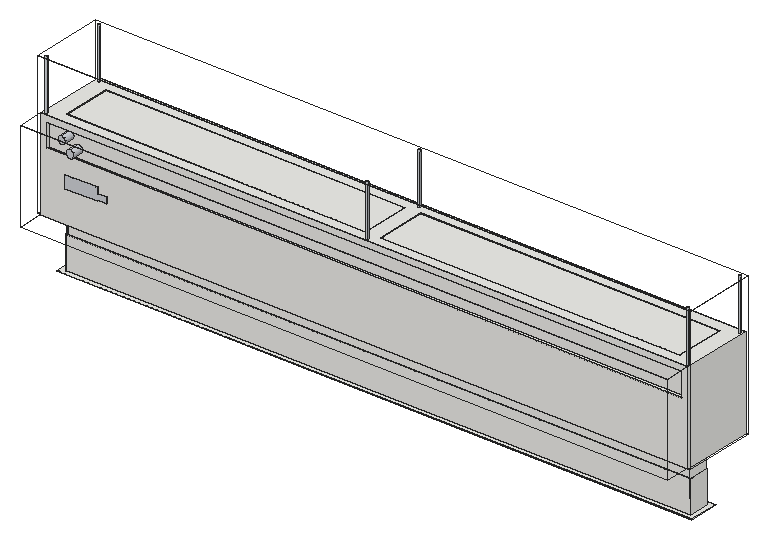
Revit family "AIRTECNICS_AIR CURTAIN_INVISAIR_DX-VRF_(MIDEA)123", category Mechanical Equipment, Revit 2016
Family settings
  Part Type = Normal
  Round Connector Dimension = Use Diameter
  OmniClass Number = 23.75.70.21.17
  OmniClass Title = Air Curtains
  Work Plane-Based = No
  Always vertical = Yes
  Cut with Voids When Loaded = No
  Shared = No
  Room Calculation Point = No
Parameters (values of type "IECG 2500 DX29/2-MD")
  · POSITION · [instance] = "-/ Select Curtain Position /-"  # constant formula
  · PIPES POSITION · [instance] = "-/ Select Pipes Position /-"  # constant formula
  · OTHERS · [instance] = "-/ Select Supports - Inst.Maint. Space /-"  # constant formula
  · KITS CONFIGURATION · [instance] = "-/ Configure Length Kit /-"  # constant formula
  · HEATING · = "-/ Select Heating /-"  # constant formula
  · EXTERNAL UNIT · [instance] = "-/ Select External Unit Type /-"  # constant formula
  · COIL ROWS · = "-/ Select DX Coil Rows /-"  # constant formula
  Weight [instance] = size_lookup(Name_Lookup_Data, "Weight", 1.00 kg, CM, CT, CH, CR)  # 94.00 kg
  Voltage [instance] = 230 V  # constant formula
  URL_Manufacturer = "https://www.airtecnics.com/"
  URL_Datasheet = "https://www.airtecnics.com/download/file/5880/invisair-dx-midea-1-1.pdf"
  Triple Phase (External Ut.) [instance] = no
  Supports Length [instance] = 200.0 mm
  Supports (Horizontal) [instance] = yes
  Special Installation [instance] = no
  Single Phase (External Ut.) [instance] = not([Triple Phase (External Ut.)])  # yes
  Revit Version = "Revit 2016 - English"  # constant formula
  Review Date = "11/2018"  # constant formula
  Remote Control = "AIR-IR"  # constant formula
  URL = "https://www.airtecnics.com/products/heat-pump-air-curtain-invisair-dx-for-midea"
  Refrigerant Pipes_P4 [instance] = no
  Refrigerant Pipes_P3 [instance] = no
  Refrigerant Pipes_P2 (Stn) [instance] = if(or(Refrigerant Pipes_P1, Refrigerant Pipes_P3, Refrigerant Pipes_P4), 1 = 0, 1 = 1)  # yes
  Refrigerant Pipes_P1 [instance] = no
  Product Size = if(L = 1500.0 mm, "1500", if(L = 2000.0 mm, "2000", "2500"))  # "2500"
  Product Reference [instance] = size_lookup(Name_Lookup_Ref, "", "Consult Manufacturer", CM, CT, CH, CR)  # "IECG 2500 DX29/2-MD"
  Product Heating [instance] = "Direct Expansion 1:1 system"  # constant formula
  Product Description [instance] = size_lookup(Name_Lookup_Data, "", "Consult Manufacturer", CM, CT, CH, CR)  # "Energy saving heat pump air curtain: Up to 70% reduction in costs and CO2 emissions (heating mode).\r\nSpecially designed for applications where the body of the air curtain is to be installed inside a column or bulkhead for architectural reasons. It can be vertically or horizontally mounted.\r\nSelf-supporting casing construction made of galvanized steel plate, finished in structural epoxy-polyester painting white colour RAL9016 as standard. Other colours or stainless steel are available on request. \r\nThe air flow of Invisair follows a straight line from the air inlet grille to the to the discharge. Inlet area inside a bulkhead or column should be designed with suitable grille provided by others.\r\nAnodized aluminium outlet vanes, airfoil shaped, adjustable from 0 to 15º each side.\r\nDouble-inlet centrifugal fans driven by an external rotor motor and low noise level. 5-speed selector. EC models assembled with very low consumption efficiency fans. \r\nIncludes only heating direct expansion coil with installed temperature sensors.\r\nIncludes Plug&Play control with 7m RJ45 cable and infrared remote control. \r\nReady to connect to MIDEA Inverter outdoor heat pump unit (R410A) with expansion valve, not included, the customer should purchase it.\r\nRequires MIDEA DX Interface KIT adapted for air curtain and KJR-86C-E programmable control, please consult.\r\nAir Volume: 5110 m3/h \r\nFans:  0,497 kW  4,34 A 230Vx1 50/60Hz\r\nHeating capacity: 28,89 kW\r\nDimensions: 285x570/620x2555 mm (depth, height, length), including telescopic outlet for easy installation.\r\nNOT SUPPLIED BY AIRTÈCNICS:\r\nMIDEA Interface DX kit and KJR-86C-E programmable control.\r\nExternal unit:\r\nOption 1: 2x MOD30U-48HFN1-QRD0\r\nExternal unit with direct expansion valve Midea, single phase motor 230Vx1 50Hz.\r\nHeating capacity 16,1kW. Heating power: 4,4kW. COP 3,65.\r\nCooling capacity 14,1kW. Cooling power 5,1kW. EER 2,76.\r\nCooling circuits 5/8\" - 3/8\".\r\nMaximum length 65m.\r\nMaximum slope 30m.\r\nOption 2: 2x MOD30U-48HFN1-RRD0\r\nExternal unit with direct expansion valve Midea, triple phase motor 400Vx3 50Hz.\r\nHeating capacity 16,1kW. Heating power: 4,4kW. COP 3,65.\r\nCooling capacity 14,1kW. Cooling power 5,1kW. EER 2,76.\r\nCooling circuits 5/8\" - 3/8\".\r\nMaximum length 65m.\r\nMaximum slope 30m."
  Power Fans Factor [instance] = size_lookup(Name_Lookup_Data, "Power Fans Factor", 1, CM, CT, CH, CR)  # 0.5
  Power Fans [instance] = size_lookup(Name_Lookup_Data, "Power Fans", 1 kW, CM, CT, CH, CR)  # 0.497 kW
  P = 1 = 1  # yes
  Outlet Kit Length [instance] = 210.0 mm
  Noise Level (dB(A)) [instance] = size_lookup(Name_Lookup_Data, "Noise Level (dB(A))", 1, CM, CT, CH, CR)  # 64
  Name_Lookup_Ref_EU = "INVISAIR_(DX)_MD_Ref_EU_Lookup"  # constant formula
  Name_Lookup_Ref = "INVISAIR_(DX)_MD_Ref_Lookup"  # constant formula
  Name_Lookup_Data3 = "INVISAIR_(DX)_MD_Mainfolds_Lookup"  # constant formula
  Name_Lookup_Data = "INVISAIR_(DX)_MD_Data_Lookup"  # constant formula
  Model = "Air Curtain Invisair DX Midea"  # constant formula
  Material Grille = AIRTECNICS_Perforated_Invisair_White RAL 9016
  Material Curtain [instance] = AIRTECNICS_White RAL 9016
  Mainfolds [instance] = size_lookup(Name_Lookup_Data3, "", "Consult Manufacturer", CM, CT, CH, CR)  # "5/8 & 3/8"
  Length = if(L > 1500.0 mm, L + 55.0 mm, L + 50.0 mm)  # 2555.0 mm
  Kits Range [instance] = "Min. 210 mm / Max. 260 mm"  # constant formula
  Height [instance] = 570.0 mm + Outlet Kit Length - 210.0 mm + Depth - Depth  # 570.0 mm
  Heating Capacity [instance] = size_lookup(Name_Lookup_Data, "Heating Capacity", 1 kW, CM, CT, CH, CR)  # 28.89 kW
  Gas Coil Volume [instance] = size_lookup(Name_Lookup_Data, "Gas Coil Volume", 1.00 m³, CM, CT, CH, CR)  # 0.0053 m³
  G = 1 = 1  # yes
  Frequency = 50 Hz  # constant formula
  Fans Stage = 5  # constant formula
  Family Version = "1.0"  # constant formula
  External Ut. Reference [instance] = size_lookup(Name_Lookup_Ref_EU, "", "Consult Manufacturer", CM, CT, CH, CR, CEU)  # "2x MOD30U-48HFN1-QRD0"
  Expansion Valve [instance] = "Included on External Unit"  # constant formula
  EC = 1 = 1  # yes
  Dn_Metric_Refrig_Liquid [instance] = size_lookup(Name_Lookup_Data3, "Dn_Liquid", 1 mm, CM, CT, CH, CR)  # 10 mm
  Dn_Metric_Refrig_Gas [instance] = size_lookup(Name_Lookup_Data3, "Dn_Gas", 1 mm, CM, CT, CH, CR)  # 16 mm
  Depth = 285.0 mm  # constant formula
  DX Kit [instance] = "Duct electronic Control Box"  # constant formula
  DX Controller [instance] = "KJR-86C-E"  # constant formula
  DX Coil Rows = 4 = yes
  DX Coil Rows = 3 = not([DX Coil Rows = 4])  # no
  DX 1:1 = 1 = 1  # yes
  Current Fans [instance] = size_lookup(Name_Lookup_Data, "Current Fans", 1 A, CM, CT, CH, CR)  # 4.34 A
  Created by = "BIMETRICAL"  # constant formula
  Control [instance] = "CD-5AW-IR"  # constant formula
  Capacity_Frig_Liquid [instance] = 0.0 L/s
  Capacity_Frig_Gas [instance] = 0.0 L/s
  Cable = "CB7"  # constant formula
  CT [instance] = if(L = 1000.0 mm, 2, 0) + if(L = 1500.0 mm, 4, 0) + if(L = 2000.0 mm, 8, 0) + if(L = 2500.0 mm, 16, 0) + if(L = 3000.0 mm, 32, 0)  # 16
  CR [instance] = if([DX Coil Rows = 3], 4, 2)  # 2
  CM [instance] = 12  # constant formula
  CH [instance] = if(DX 1:1, 2, 4)  # 2
  CEU [instance] = if([Single Phase (External Ut.)], 2, 4)  # 2
  Aspiration/Maintenance Space [instance] = yes
  Apparent Load [instance] = size_lookup(Name_Lookup_Data, "Apparent Load", 1 VA, CM, CT, CH, CR)  # 994 VA
  Airflow [instance] = size_lookup(Name_Lookup_Data, "Airflow", 1 m³/h, CM, CT, CH, CR)  # 5110 m³/h
  L = 2500.0 mm
  Type Image = <None>
  IfcExportType = "DXCOOLINGCOIL"  # constant formula
  IfcExportAs = "IfcCoilType"  # constant formula
  Horizontal [instance] = 1 = 1  # yes
  Manufacturer = "AIRTECNICS"  # constant formula
  Description = ""
  Type Comments = "Energy saving heat pump air curtain: Up to 70% reduction in costs and CO2 emissions (heating mode).\r\nSpecially designed for applications where the body of the air curtain is to be installed inside a column or bulkhead for architectural reasons. It can be vertically or horizontally mounted.\r\nSelf-supporting casing construction made of galvanized steel plate, finished in structural epoxy-polyester painting white colour RAL9016 as standard. Other colours or stainless steel are available on request.\r\nThe air flow of Invisair follows a straight line from the air inlet grille to the to the discharge. Inlet area inside a bulkhead or column should be designed with suitable grille provided by others.\r\nAnodized aluminium outlet vanes, airfoil shaped, adjustable from 0 to 15º each side.\r\nDouble-inlet centrifugal fans driven by an external rotor motor and low noise level. 5-speed selector. EC models assembled with very low consumption efficiency fans.\r\nIncludes only heating direct expansion coil with installed temperature sensors.\r\nIncludes Plug&Play control with 7m RJ45 cable and infrared remote control.\r\nReady to connect to MIDEA Inverter outdoor heat pump unit (R410A) with expansion valve, not included, the customer should purchase it.\r\nRequires DX Interface KIT adapted for air curtain and programmable control, please consult.\r\n"  # constant formula
  BIMETRICAL Category = "Coil"  # constant formula
  BIMETRICAL = "http://www.bimetrical.com"  # constant formula
Types (4, lengths in mm): name | Weight | Product Size | Product Reference | Product Description | Power Fans | Noise Level (dB(A)) | Length | Heating Capacity | Gas Coil Volume | External Ut. Reference | DX Coil Rows = 4 | DX Coil Rows = 3 | Current Fans | CT | CR | Apparent Load | Airflow | L
  IECG 2500 DX29/2-MD | 94.00 kg | "2500" | "IECG 2500 DX29/2-MD" | "Energy saving heat pump air curtain: Up to 70% reduction in costs and CO2 emissions (heating mode).\r\nSpecially designed for applications where the body of the air curtain is to be installed inside a column or bulkhead for architectural reasons. It can be vertically or horizontally mounted.\r\nSelf-supporting casing construction made of galvanized steel plate, finished in structural epoxy-polyester painting white colour RAL9016 as standard. Other colours or stainless steel are available on request. \r\nThe air flow of Invisair follows a straight line from the air inlet grille to the to the discharge. Inlet area inside a bulkhead or column should be designed with suitable grille provided by others.\r\nAnodized aluminium outlet vanes, airfoil shaped, adjustable from 0 to 15º each side.\r\nDouble-inlet centrifugal fans driven by an external rotor motor and low noise level. 5-speed selector. EC models assembled with very low consumption efficiency fans. \r\nIncludes only heating direct expansion coil with installed temperature sensors.\r\nIncludes Plug&Play control with 7m RJ45 cable and infrared remote control. \r\nReady to connect to MIDEA Inverter outdoor heat pump unit (R410A) with expansion valve, not included, the customer should purchase it.\r\nRequires MIDEA DX Interface KIT adapted for air curtain and KJR-86C-E programmable control, please consult.\r\nAir Volume: 5110 m3/h \r\nFans:  0,497 kW  4,34 A 230Vx1 50/60Hz\r\nHeating capacity: 28,89 kW\r\nDimensions: 285x570/620x2555 mm (depth, height, length), including telescopic outlet for easy installation.\r\nNOT SUPPLIED BY AIRTÈCNICS:\r\nMIDEA Interface DX kit and KJR-86C-E programmable control.\r\nExternal unit:\r\nOption 1: 2x MOD30U-48HFN1-QRD0\r\nExternal unit with direct expansion valve Midea, single phase motor 230Vx1 50Hz.\r\nHeating capacity 16,1kW. Heating power: 4,4kW. COP 3,65.\r\nCooling capacity 14,1kW. Cooling power 5,1kW. EER 2,76.\r\nCooling circuits 5/8\" - 3/8\".\r\nMaximum length 65m.\r\nMaximum slope 30m.\r\nOption 2: 2x MOD30U-48HFN1-RRD0\r\nExternal unit with direct expansion valve Midea, triple phase motor 400Vx3 50Hz.\r\nHeating capacity 16,1kW. Heating power: 4,4kW. COP 3,65.\r\nCooling capacity 14,1kW. Cooling power 5,1kW. EER 2,76.\r\nCooling circuits 5/8\" - 3/8\".\r\nMaximum length 65m.\r\nMaximum slope 30m." | 0.497 kW | 64 | 2555.0 | 28.89 kW | 0.0053 m³ | "2x MOD30U-48HFN1-QRD0" | yes | no | 4.34 A | 16 | 2 | 994 VA | 5110 m³/h | 2500.0
  IECG 2000 DX22/2-MD | 89.00 kg | "2000" | "IECG 2000 DX22/2-MD" | "Energy saving heat pump air curtain: Up to 70% reduction in costs and CO2 emissions (heating mode).\r\nSpecially designed for applications where the body of the air curtain is to be installed inside a column or bulkhead for architectural reasons. It can be vertically or horizontally mounted.\r\nSelf-supporting casing construction made of galvanized steel plate, finished in structural epoxy-polyester painting white colour RAL9016 as standard. Other colours or stainless steel are available on request. \r\nThe air flow of Invisair follows a straight line from the air inlet grille to the to the discharge. Inlet area inside a bulkhead or column should be designed with suitable grille provided by others.\r\nAnodized aluminium outlet vanes, airfoil shaped, adjustable from 0 to 15º each side.\r\nDouble-inlet centrifugal fans driven by an external rotor motor and low noise level. 5-speed selector. EC models assembled with very low consumption efficiency fans. \r\nIncludes only heating direct expansion coil with installed temperature sensors.\r\nIncludes Plug&Play control with 7m RJ45 cable and infrared remote control. \r\nReady to connect to MIDEA Inverter outdoor heat pump unit (R410A) with expansion valve, not included, the customer should purchase it.\r\nRequires MIDEA DX Interface KIT adapted for air curtain and KJR-86C-E programmable control, please consult.\r\nAir Volume: 4380 m3/h \r\nFans:  0,426 kW  3,72 A 230Vx1 50/60Hz\r\nHeating capacity: 22,20 kW\r\nDimensions: 285x570/620x2055 mm (depth, height, length), including telescopic outlet for easy installation.\r\nNOT SUPPLIED BY AIRTÈCNICS:\r\nMIDEA Interface DX kit and KJR-86C-E programmable control.\r\nExternal unit:\r\nOption 1: 2x MOD30U-36HFN1-QRD0\r\nExternal unit with direct expansion valve Midea, single phase motor 230Vx1 50Hz.\r\nHeating capacity 11,1kW. Heating power: 2,9kW. SCOP 3,82.\r\nCooling capacity 10,5kW. Cooling power 3,95kW. SEER 2,65.\r\nCooling circuits 5/8\" - 3/8\".\r\nMaximum length 65m.\r\nMaximum slope 30m.\r\nOption 2: 2x MOD30U-36HFN1-RRD0\r\nExternal unit with direct expansion valve Midea, triple phase motor 400Vx3 50Hz.\r\nHeating capacity 11,1kW. Heating power: 2,9kW. SCOP 3,82.\r\nCooling capacity 10,5kW. Cooling power 3,95kW. SEER 2,65.\r\nCooling circuits 5/8\" - 3/8\".\r\nMaximum length 65m.\r\nMaximum slope 30m." | 0.426 kW | 63 | 2055.0 | 22.2 kW | 0.0041 m³ | "2x MOD30U-36HFN1-QRD0" | yes | no | 3.72 A | 8 | 2 | 852 VA | 4380 m³/h | 2000.0
  IECG 2000 DX18-MD | 89.00 kg | "2000" | "IECG 2000 DX18-MD" | "Energy saving heat pump air curtain: Up to 70% reduction in costs and CO2 emissions (heating mode).\r\nSpecially designed for applications where the body of the air curtain is to be installed inside a column or bulkhead for architectural reasons. It can be vertically or horizontally mounted.\r\nSelf-supporting casing construction made of galvanized steel plate, finished in structural epoxy-polyester painting white colour RAL9016 as standard. Other colours or stainless steel are available on request. \r\nThe air flow of Invisair follows a straight line from the air inlet grille to the to the discharge. Inlet area inside a bulkhead or column should be designed with suitable grille provided by others.\r\nAnodized aluminium outlet vanes, airfoil shaped, adjustable from 0 to 15º each side.\r\nDouble-inlet centrifugal fans driven by an external rotor motor and low noise level. 5-speed selector. EC models assembled with very low consumption efficiency fans. \r\nIncludes only heating direct expansion coil with installed temperature sensors.\r\nIncludes Plug&Play control with 7m RJ45 cable and infrared remote control. \r\nReady to connect to MIDEA Inverter outdoor heat pump unit (R410A) with expansion valve, not included, the customer should purchase it.\r\nRequires MIDEA DX Interface KIT adapted for air curtain and KJR-86C-E programmable control, please consult.\r\nAir Volume: 4380 m3/h \r\nFans:  0,426 kW  3,72 A 230Vx1 50/60Hz\r\nHeating capacity: 17,60 kW\r\nDimensions: 285x570/620x2055 mm (depth, height, length), including telescopic outlet for easy installation.\r\nNOT SUPPLIED BY AIRTÈCNICS:\r\nMIDEA Interface DX kit and KJR-86C-E programmable control.\r\nExternal unit:\r\n MOD30U-55HFN1-RRD0External unit with direct expansion valve Midea, triple phase motor 400Vx3 50Hz.\r\nHeating capacity 17,6kW. Heating power: 5,5kW. COP 3,2.\r\nCooling capacity 16,1kW. Cooling power 6,3kW. EER 2,55.\r\nCooling circuits 5/8\" - 3/8\".\r\nMaximum length 65m.\r\nMaximum slope 30m." | 0.426 kW | 63 | 2055.0 | 17.6 kW | 0.0031 m³ | "Only Triple Phase" | no | yes | 3.72 A | 8 | 4 | 852 VA | 4380 m³/h | 2000.0
  IECG 1500 DX15-MD | 69.00 kg | "1500" | "IECG 1500 DX15-MD" | "Energy saving heat pump air curtain: Up to 70% reduction in costs and CO2 emissions (heating mode).\r\nSpecially designed for applications where the body of the air curtain is to be installed inside a column or bulkhead for architectural reasons. It can be vertically or horizontally mounted.\r\nSelf-supporting casing construction made of galvanized steel plate, finished in structural epoxy-polyester painting white colour RAL9016 as standard. Other colours or stainless steel are available on request. \r\nThe air flow of Invisair follows a straight line from the air inlet grille to the to the discharge. Inlet area inside a bulkhead or column should be designed with suitable grille provided by others.\r\nAnodized aluminium outlet vanes, airfoil shaped, adjustable from 0 to 15º each side.\r\nDouble-inlet centrifugal fans driven by an external rotor motor and low noise level. 5-speed selector. EC models assembled with very low consumption efficiency fans. \r\nIncludes only heating direct expansion coil with installed temperature sensors.\r\nIncludes Plug&Play control with 7m RJ45 cable and infrared remote control. \r\nReady to connect to MIDEA Inverter outdoor heat pump unit (R410A) with expansion valve, not included, the customer should purchase it.\r\nRequires MIDEA DX Interface KIT adapted for air curtain and KJR-86C-E programmable control, please consult.\r\nAir Volume: 2820 m3/h \r\nFans:  0,284 kW  2,48 A 230Vx1 50/60Hz\r\nHeating capacity: 15,32 kW\r\nDimensions: 285x570/620x1550 mm (depth, height, length), including telescopic outlet for easy installation.\r\nNOT SUPPLIED BY AIRTÈCNICS:\r\nMIDEA Interface DX kit and KJR-86C-E programmable control.\r\nExternal unit:\r\nOption 1: MOD30U-48HFN1-QRD0\r\nExternal unit with direct expansion valve Midea, single phase motor 230Vx1 50Hz.\r\nHeating capacity 16,1kW. Heating power: 4,4kW. COP 3,65.\r\nCooling capacity 14,1kW. Cooling power 5,1kW. EER 2,76.\r\nCooling circuits 5/8\" - 3/8\".\r\nMaximum length 65m.\r\nMaximum slope 30m.\r\nOption 2: MOD30U-48HFN1-RRD0\r\nExternal unit with direct expansion valve Midea, triple phase motor 400Vx3 50Hz.\r\nHeating capacity 16,1kW. Heating power: 4,4kW. COP 3,65.\r\nCooling capacity 14,1kW. Cooling power 5,1kW. EER 2,76.\r\nCooling circuits 5/8\" - 3/8\".\r\nMaximum length 65m.\r\nMaximum slope 30m." | 0.284 kW | 62 | 1550.0 | 15.32 kW | 0.003 m³ | "MOD30U-48HFN1-QRD0" | yes | no | 2.48 A | 4 | 2 | 568 VA | 2920 m³/h | 1500.0
Reference planes
  plane 1 "Centro (Frontal/Posterior)": z = 0
  plane 2: y = 246.57
  plane 3 "Centro (Izquierda/Derecha)": x = 0
Dimensions and locks
  aligned and locked: plane 1 "Centro (Frontal/Posterior)" to nested 1
Nested families
  nested 1: "GEOM_INVISAIR_(DX)" at (0, 246.57, 0), Outlet Kit Lenght <- "Outlet Kit Length", Supports (Horizontal) <- "Supports (Horizontal)", Aspiration/Maintenance Space <- "Aspiration/Maintenance Space", P1 <- "Refrigerant Pipes_P1", P3 <- "Refrigerant Pipes_P3", SPCI <- "Special Installation", P4 <- "Refrigerant Pipes_P4", type "GEOM_INVISAIR_(DX)"
    with Vertical Right no, Vertical Left no, VSUP yes, VPE no, VPD no, Supports (Horizontal) yes, STNI yes, SPCI no, P4 no, P3 no, P2 yes, P1 no, Outlet Kit Lenght 210.0 mm, OKL 210.0 mm, L3 10.0 mm, L2 10.0 mm, L1 176.22 mm, Horizontal yes, C_P 2, C_L 8, CH_4 235.0 mm, CH_3 37.0 mm, CH_2 139.0 mm, CH_1 275.86 mm, CC_4 50.0 mm, CC_3 221.89 mm, CC_2 106.0 mm, CC_1 313.83 mm, Aspiration/Maintenance Space yes, AH -90.00°, AC -90.00°, L* 2555.0 mm, L 2500.0 mm
Connectors
  electrical at (-1075.125, 103.07, 148.65), driven by "Voltage", driven by "Apparent Load", driven by "Power Fans Factor"
    settings: on nested 1, index 1, voltage 230 V, apparent load 994 VA, apparent load phase1 0 VA, apparent load phase2 0 VA, apparent load phase3 0 VA, power factor 0.5, load classification "HVAC", number of poles 1, system type 30, power factor state 1, is connector primary yes, connector utility no, sub classification motor no, connector description ""
  piping at (-1171.5, 77.18, 313.889), diameter 10, driven by "Capacity_Frig_Liquid", driven by "Dn_Metric_Refrig_Liquid"
    settings: on nested 1, index 2, connector inside diameter 609.6 mm, connector length 0.0 mm, flow factor 0, pipe flow 0.0 L/s, pressure drop 0.0 Pa, fitting loss kfactor 0, connector angle 0.00°, fixture units 0, engagement length 0.0 mm, angle of deflection 0.00°, flow configuration 1, flow direction 2, fitting loss method 0, system type 8, joint type 0, gender type 0, connector reference index -1, connector utility 0, adjustable connector no, is connector primary yes, connector description "Out"
  piping at (-1138.5, 77.07, 275.86), diameter 16, driven by "Capacity_Frig_Gas", driven by "Dn_Metric_Refrig_Gas"
    settings: on nested 1, index 3, connector inside diameter 609.6 mm, connector length 0.0 mm, flow factor 0, pipe flow 0.0 L/s, pressure drop 0.0 Pa, fitting loss kfactor 0, connector angle 0.00°, fixture units 0, engagement length 0.0 mm, angle of deflection 0.00°, flow configuration 1, flow direction 1, fitting loss method 0, system type 7, joint type 0, gender type 0, connector reference index -1, connector utility 0, adjustable connector no, is connector primary no, connector description "In"
Definition of nested family "GEOM_INVISAIR_(DX)"
  Parameters (values of type "GEOM_INVISAIR_(DX)")
    Vertical Right [instance] = 1 = 0  # no
    Vertical Left [instance] = 1 = 0  # no
    VSUP [instance] = if(and(Horizontal, [Supports (Horizontal)]), 1 = 1, 1 = 0)  # yes
    VPE [instance] = Vertical Left  # no
    VPD [instance] = Vertical Right  # no
    Supports Length = 200.0 mm
    Supports (Horizontal) [instance] = yes
    STNI [instance] = not(SPCI)  # yes
    SPCI [instance] = no
    Revit Version = "Revit 2016 - English"  # constant formula
    Review Date = "11/2018"  # constant formula
    P4 [instance] = yes
    P3 [instance] = no
    P2 [instance] = not(or(P1, P3, P4))  # no
    P1 [instance] = no
    P = 1 = 1  # yes
    Outlet Kit Lenght [instance] = 210.0 mm
    OKL [instance] = if(Outlet Kit Lenght > 260.0 mm, 260.0 mm, if(Outlet Kit Lenght < 210.0 mm, 210.0 mm, Outlet Kit Lenght))  # 210.0 mm
    Name_CH = "CH_Dimensions_Lookup"  # constant formula
    Name_CC = "CC_Dimensions_Lookup"  # constant formula
    Model = "INVISAIR (DX)"  # constant formula
    Material Grille = none
    Material Curtain = none
    Manufacturer = "AIRTECNICS"  # constant formula
    L_sup = if(Supports Length = 0.0 mm, 1.0 mm, Supports Length)  # 200.0 mm
    L6 = 0.0 mm  # constant formula
    L5 = 0.0 mm  # constant formula
    L4 = 0.0 mm  # constant formula
    L3 [instance] = if(and(P, P4), 100.0 mm, 10.0 mm)  # 100.0 mm
    L2 [instance] = if(and(P, P1), 100.0 mm, 10.0 mm)  # 10.0 mm
    L1 [instance] = if(STNI, 176.22 mm, 108.78 mm)  # 176.22 mm
    L* = if(L < 2000.0 mm, L + 50.0 mm, L + 55.0 mm)  # 1550.0 mm
    L = 1500.0 mm
    Horizontal [instance] = 1 = 1  # yes
    Family Version = "1.0"  # constant formula
    Default Elevation = 1219.2 mm
    D_P = 20.00 mm
    Created by = "BIMETRICAL"  # constant formula
    C_P [instance] = if(P1, 1, 0) + if(P2, 2, 0) + if(P3, 4, 0) + if(P4, 8, 0)  # 8
    C_L [instance] = if(L = 1500.0 mm, 2, 0) + if(L = 2000.0 mm, 4, 0) + if(L = 2500.0 mm, 8, 0)  # 2
    CH_4 [instance] = size_lookup(Name_CH, "CH_4", 235.0 mm, C_L, C_P)  # 50.0 mm
    CH_3 [instance] = size_lookup(Name_CH, "CH_3", 37.0 mm, C_L, C_P)  # 106.0 mm
    CH_2 [instance] = size_lookup(Name_CH, "CH_2", 139.0 mm, C_L, C_P)  # 1444.0 mm
    CH_1 [instance] = size_lookup(Name_CH, "CH_1", 275.86 mm, C_L, C_P)  # 277.52 mm
    CC_4 [instance] = size_lookup(Name_CC, "CC_4", 50.0 mm, C_L, C_P)  # 235.0 mm
    CC_3 [instance] = size_lookup(Name_CC, "CC_3", 221.89 mm, C_L, C_P)  # 139.17 mm
    CC_2 [instance] = size_lookup(Name_CC, "CC_2", 106.0 mm, C_L, C_P)  # 1410.83 mm
    CC_1 [instance] = size_lookup(Name_CC, "CC_1", 313.86 mm, C_L, C_P)  # 307.52 mm
    BIMETRICAL = "http://www.bimetrical.com/"  # constant formula
    B1 = 0.0 mm  # constant formula
    B = 0.0 mm  # constant formula
    Aspiration/Maintenance Space [instance] = yes
    AH [instance] = size_lookup(Name_CH, "AH", 90.00°, C_L, C_P)  # 180.00°
    AC [instance] = size_lookup(Name_CC, "AC", 90.00°, C_L, C_P)  # 180.00°
    A = 0.0 mm  # constant formula
  Reference planes
    plane 1 "Centro (Frontal/Posterior)": y = 0
    plane 2: z = 0
    plane 3 "Centro (Izquierda/Derecha)": x = 0
    plane 4: y = 142.5
    plane 5: y = -142.5
    plane 6: x = -775
    plane 7: x = 775
    plane 8: z = 360
    plane 9: x = -751
    plane 10: x = 751
    plane 11: z = 337
    plane 12: x = -708
    plane 13: x = 708
    plane 14: x = 30
    plane 15: x = -30
    plane 16: y = -96.75
    plane 17: y = 96.75
    plane 18: z = 307.52
    plane 19: z = 277.52
    plane 20: x = 635.83
    plane 21: x = 669
    plane 22: y = -92.5
    plane 23: y = 92.5
    plane 24: x = -762.5
    plane 25: x = 762.5
    plane 26: y = 128.5
    plane 27: y = -128.5
  Forms (mm)
    Extrusion 1, solid, material <- "Material Curtain"
      sketch origin (-1376.546, -1524, 270) x (-1, 0, 0) y (0, -1, 0)
        loop
          line (-601.546, -1666.5) -> (-601.546, -1381.5) -> (-2151.546, -1381.5) -> (-2151.546, -1666.5) -> (-601.546, -1666.5)
      from -270 to 90
    Extrusion 2, void
      sketch origin (-1776.211, -142.5, 1200) x (1, 0, 0) y (0, 0, -1)
        loop
          line (1025.211, 863) -> (2527.211, 863) -> (2527.211, 956) -> (1025.211, 956) -> (1025.211, 863)
      from 13 to 0
    Extrusion 3, void
      sketch origin (-1504.338, -1524, 360) x (-1, 0, 0) y (0, -1, 0)
        loop
          line (-796.338, -1620.75) -> (-796.338, -1427.25) -> (-1474.338, -1427.25) -> (-1474.338, -1620.75) -> (-796.338, -1620.75)
        loop
          line (-1534.338, -1620.75) -> (-1534.338, -1427.25) -> (-2212.338, -1427.25) -> (-2212.338, -1620.75) -> (-1534.338, -1620.75)
      from 0 to -13
    Extrusion 4, solid, material <- "Material Grille"
      sketch origin (-1504.338, -1524, 360) x (-1, 0, 0) y (0, -1, 0)
        loop
          line (-796.338, -1620.75) -> (-796.338, -1427.25) -> (-1474.338, -1427.25) -> (-1474.338, -1620.75) -> (-796.338, -1620.75)
        loop
          line (-1534.338, -1620.75) -> (-1534.338, -1427.25) -> (-2212.338, -1427.25) -> (-2212.338, -1620.75) -> (-1534.338, -1620.75)
      from 0 to -2
    Extrusion 5, solid
      sketch origin (-1776.211, -142.5, 1200) x (-1, 0, 0) y (0, 0, -1)
        loop
          line (-1226.124, 1071.5) -> (-1226.298, 1067.5) -> (-1263.211, 1067.5) -> (-1263.211, 1044.2) -> (-1226.211, 1044.2) -> (-1226.211, 1022.2) -> (-1098.711, 1022.2) -> (-1098.711, 1071.5) -> (-1226.124, 1071.5)
      from 0 to 1
    Extrusion 6, solid, visible <- "P"
      sketch origin (775, -92.5, 307.52) x (0, 0, 1) y (0, -1, 0)
        loop
          circle (0.059, 0) r 13.5
      from 0 to 40
    Extrusion 7, solid, visible <- "P"
      sketch origin (775, 92.5, 278.518) x (0, 0, 1) y (0, -1, 0)
        loop
          circle (-0.998, 0) r 15.5
      from 0 to 40
    Extrusion 8, solid, visible <- "Aspiration/Maintenance Space"
      sketch origin (-1776.211, -142.5, 1200) x (-1, 0, 0) y (0, 0, -1)
        loop
          line (-1001.211, 1200) -> (-1001.211, 840) -> (-2551.211, 840) -> (-2551.211, 1200) -> (-2651.211, 1200) -> (-2651.211, 640) -> (-991.211, 640) -> (-991.211, 1200) -> (-1001.211, 1200)
      from 0 to -285
    Extrusion 9, solid, visible <- "Aspiration/Maintenance Space"
      sketch origin (-1776.211, -142.5, 1200) x (-1, 0, 0) y (0, 0, -1)
        loop
          line (-1001.211, 840) -> (-1001.211, 1200) -> (-2551.211, 1200) -> (-2551.211, 840) -> (-1001.211, 840)
      from 0 to 100
    Extrusion 10, solid, visible <- "VSUP"
      sketch origin (-1504.338, -1524, 360) x (-1, 0, 0) y (0, -1, 0)
        loop
          circle (-741.838, -1652.5) r 4
        loop
          circle (-741.838, -1395.5) r 4
        loop
          circle (-1504.338, -1395.5) r 4
        loop
          circle (-1504.338, -1652.5) r 4
        loop
          circle (-2266.838, -1652.5) r 4
        loop
          circle (-2266.838, -1395.5) r 4
      from -1 to 200
  Cuts and joins
    Extrusion 2, Extrusion 3 cuts Extrusion 1
  Lines and regions (mm)
    reference lines
      curve 1: line (635.83, -92.5, 307.52) -> (775, -92.5, 307.52)
      curve 2: line (669, 92.5, 277.52) -> (775, 92.5, 277.52)
    symbolic lines
      curve 3: line (-775, 142.5, 277.52) -> (775, 142.5, 277.52)
      curve 4: line (-775, -142.5, 277.52) -> (-775, 142.5, 277.52)
      curve 5: line (775, -142.5, 277.52) -> (-775, -142.5, 277.52)
      curve 6: line (775, 142.5, 277.52) -> (775, -142.5, 277.52)
      curve 7: line (-721, -15.69, 277.52) -> (721, -15.69, 277.52)
      curve 8: line (-721, -23.386, 277.52) -> (-721, -15.69, 277.52)
      curve 9: line (721, -23.386, 277.52) -> (-721, -23.386, 277.52)
      curve 10: line (721, -15.69, 277.52) -> (721, -23.386, 277.52)
      curve 11: line (721, -44.054, 277.52) -> (-721, -44.054, 277.52)
      curve 12: line (721, -51.746, 277.52) -> (721, -44.054, 277.52)
      curve 13: line (-721, -51.746, 277.52) -> (721, -51.746, 277.52)
      curve 14: line (-721, -44.054, 277.52) -> (-721, -51.746, 277.52)
    symbolic lines, visible <- "Aspiration/Maintenance Space"
      curve 15: line (-775, 142.5, 277.52) -> (-785, 142.5, 277.52)
      curve 16: line (-785, 142.5, 277.52) -> (-785, -142.5, 277.52)
      curve 17: line (-785, -142.5, 277.52) -> (-775, -142.5, 277.52)
      curve 18: line (775, 142.5, 277.52) -> (875, 142.5, 277.52)
      curve 19: line (875, 142.5, 277.52) -> (875, -142.5, 277.52)
      curve 20: line (875, -142.5, 277.52) -> (775, -142.5, 277.52)
      curve 21: line (-775, -142.5, 277.52) -> (-775, -242.5, 277.52)
      curve 22: line (-775, -242.5, 277.52) -> (775, -242.5, 277.52)
      curve 23: line (775, -242.5, 277.52) -> (775, -142.5, 277.52)
      curve 24: line (-775, -142.5, 0) -> (-785, -142.5, 0)
      curve 25: line (-785, -142.5, 0) -> (-785, -142.5, 560)
      curve 26: line (-785, -142.5, 560) -> (875, -142.5, 560)
      curve 27: line (875, -142.5, 560) -> (875, -142.5, 0)
      curve 28: line (875, -142.5, 0) -> (775, -142.5, 0)
      curve 29: line (-775, -142.5, 0) -> (-775, -242.5, 0)
      curve 30: line (-775, -242.5, 0) -> (-775, -242.5, 360)
      curve 31: line (-775, -242.5, 360) -> (-775, -142.5, 360)
      curve 32: line (-775, -142.5, 360) -> (-775, -142.5, 560)
      curve 33: line (-775, -142.5, 560) -> (-775, 142.5, 560)
      curve 34: line (-775, 142.5, 560) -> (-775, 142.5, 360)
  Dimensions and locks
    equal spacing: plane 5, plane 1 "Centro (Frontal/Posterior)", plane 4
    locked: plane 5 to plane 4 at 285
    equal spacing: plane 6, plane 3 "Centro (Izquierda/Derecha)", plane 7
    "L*": plane 6 to plane 7
    locked: plane 8 to plane 2 at 360
    locked: plane 9 to plane 6 at 24
    locked: plane 10 to plane 7 at 24
    locked: plane 8 to plane 11 at 23
    locked: plane 6 to plane 12 at 67
    plane 13 to plane 7 = 67.0 mm
    plane 3 "Centro (Izquierda/Derecha)" to plane 14 = 30.0 mm
    plane 3 "Centro (Izquierda/Derecha)" to plane 15 = 30.0 mm
    locked: plane 16 to plane 5 at 45.75
    locked: plane 17 to plane 4 at 45.75
    locked: plane 11 to Extrusion 2 sketch curve at 93
    "CC_1": plane 18 to level
    "CH_1": plane 19 to level
    "CC_2": plane 20 to plane 6
    "CH_2": plane 21 to plane 6
    "CC_4": plane 4 to plane 22
    "CH_4": plane 4 to plane 23
    "CC_3": curve 1 to curve 1
    "CH_3": curve 2 to curve 2
    locked: level to nested 1 at 0
    "L1": plane 4 to nested 1
    "L2": plane 6 to Extrusion 8 sketch curve
    "L3": plane 7 to Extrusion 8 sketch curve
    locked: plane 6 to plane 24 at 12.5
    locked: plane 25 to plane 7 at 12.5
    locked: plane 4 to plane 26 at 14
    locked: plane 5 to plane 27 at 14
    "Supports Length": Extrusion 10 to plane 8
    locked: Extrusion 5 sketch curve to plane 6 at 97.5
    locked: Extrusion 5 sketch curve to plane 6 at 262
    Extrusion 9 to plane 20 = 1410.83 mm
    Extrusion 9 to plane 21 = 106.0 mm
    diameter of Extrusion 7 sketch curve = 31.0 mm
    diameter of Extrusion 6 sketch curve = 27.0 mm
    "AC": angle curve 1 to plane 22
    "AH": angle curve 2 to plane 23
    aligned and locked: level to plane 2
    aligned and locked: Extrusion 1 sketch curve to plane 4
    aligned and locked: plane 6 to Extrusion 1 sketch curve
    aligned and locked: Extrusion 1 sketch curve to plane 5
    aligned and locked: plane 7 to Extrusion 1 sketch curve
    aligned and locked: Extrusion 1 to level
    aligned and locked: plane 8 to Extrusion 1
    aligned and locked: plane 9 to Extrusion 2 sketch curve
    aligned and locked: plane 10 to Extrusion 2 sketch curve
    aligned and locked: plane 5 to cut or joined group of Extrusion 1, Extrusion 2, Extrusion 3
    aligned and locked: plane 17 to Extrusion 3 sketch curve  (x2)
    aligned and locked: plane 12 to Extrusion 3 sketch curve
    aligned and locked: plane 16 to Extrusion 3 sketch curve  (x2)
    aligned and locked: Extrusion 3 sketch curve to plane 15
    aligned and locked: Extrusion 3 sketch curve to plane 14
    aligned and locked: plane 13 to Extrusion 3 sketch curve
    aligned and locked: plane 12 to Extrusion 4 sketch curve
    aligned and locked: plane 17 to Extrusion 4 sketch curve
    aligned and locked: plane 13 to Extrusion 4 sketch curve
    aligned and locked: Extrusion 4 sketch curve to plane 14
    aligned and locked: Extrusion 4 sketch curve to plane 15
    aligned and locked: plane 22 to curve 1
    aligned and locked: plane 20 to curve 1
    aligned and locked: plane 23 to curve 2
    aligned and locked: plane 21 to curve 2
    aligned and locked: Extrusion 5 to plane 5
    aligned and locked: curve 3 to cut or joined group of Extrusion 1, Extrusion 2, Extrusion 3
    aligned and locked: curve 4 to cut or joined group of Extrusion 1, Extrusion 2, Extrusion 3
    aligned and locked: curve 5 to cut or joined group of Extrusion 1, Extrusion 2, Extrusion 3
    aligned and locked: curve 6 to cut or joined group of Extrusion 1, Extrusion 2, Extrusion 3
    aligned and locked: curve 8 to nested 1
    aligned and locked: curve 9 to nested 1
    aligned and locked: curve 10 to nested 1
    aligned and locked: curve 11 to nested 1
    aligned and locked: curve 12 to nested 1
    aligned and locked: curve 13 to nested 1
    aligned and locked: curve 14 to nested 1
    aligned and locked: Extrusion 9 sketch curve to cut or joined group of Extrusion 1, Extrusion 2, Extrusion 3  (x2)
    aligned and locked: curve 19 to Extrusion 8
    aligned and locked: curve 22 to Extrusion 9
    aligned and locked: Extrusion 9 to plane 6
    aligned and locked: curve 27 to Extrusion 8
    aligned and locked: plane 24 to Extrusion 10 sketch curve
    aligned and locked: plane 26 to Extrusion 10 sketch curve  (x3)
    aligned and locked: plane 27 to Extrusion 10 sketch curve  (x3)
    aligned and locked: plane 3 "Centro (Izquierda/Derecha)" to Extrusion 10 sketch curve
    aligned and locked: curve 25 to Extrusion 8
    aligned and locked: curve 16 to Extrusion 8
    aligned and locked: plane 7 to Extrusion 9 sketch curve
  Automatic sketch dimensions
    Extrusion 2 sketch curve to plane 11 = 0.0 mm
    plane 17 to Extrusion 4 sketch curve = 0.0 mm
    Extrusion 4 sketch curve to plane 16 = 0.0 mm  (x2)
    Extrusion 5 sketch curve to Extrusion 5 sketch curve = 36.913 mm
    Extrusion 5 sketch curve to Extrusion 5 sketch curve = 0.087 mm
    Extrusion 5 sketch curve to Extrusion 5 sketch curve = 0.175 mm
    Extrusion 5 sketch curve to level = 128.5 mm
    Extrusion 5 sketch curve to Extrusion 5 sketch curve = 4.0 mm
    Extrusion 5 sketch curve to Extrusion 5 sketch curve = 23.3 mm
    Extrusion 5 sketch curve to Extrusion 5 sketch curve = 49.3 mm
    curve 8 to curve 8 = 7.696 mm
    Extrusion 9 sketch curve to level = 0.0 mm
    curve 28 to level = 0.0 mm
    plane 7 to curve 28 = 0.0 mm
    curve 24 to plane 6 = 0.0 mm
    curve 25 to level = 0.0 mm
    curve 26 to plane 8 = 200.0 mm
    Extrusion 10 sketch curve to plane 25 = 0.0 mm  (x2)
    Extrusion 10 sketch curve to plane 3 "Centro (Izquierda/Derecha)" = 0.0 mm
    Extrusion 10 sketch curve to plane 24 = 0.0 mm
    plane 18 to Extrusion 6 sketch curve = 0.059 mm
    Extrusion 7 sketch curve to plane 19 = 0.0 mm
    Extrusion 6 sketch curve to plane 22 = 0.0 mm
    Extrusion 7 sketch curve to plane 23 = 0.0 mm
    curve 30 to plane 8 = 0.0 mm
    curve 29 to plane 5 = 0.0 mm
    curve 31 to plane 5 = 0.0 mm
    curve 33 to plane 4 = 0.0 mm
    curve 34 to plane 8 = 0.0 mm
    curve 31 to curve 31 = 100.0 mm
    level to curve 30 = 0.0 mm
    plane 8 to curve 33 = 200.0 mm
    plane 7 to Extrusion 8 sketch curve = 0.0 mm
    Extrusion 8 sketch curve to level = 0.0 mm  (x2)
    Extrusion 8 sketch curve to plane 6 = 0.0 mm
    Extrusion 8 sketch curve to plane 8 = 0.0 mm
    Extrusion 8 sketch curve to plane 8 = 200.0 mm
    radius of Extrusion 10 sketch curve = 4.0 mm  (x6)
  Nested families
    nested 1: "GEOM_INVISAIR_OUTLET KIT" at (0, -280.29, -210), L <- "L", Outlet Kit Length <- "OKL", Material <- "Material Curtain", type "Outlet Kit"
      with Vi3 yes, Vi2 no, Vi1 yes, Outlet Kit Length 210.0 mm, Material none, L-45 1454.0 mm, L-39 1460.0 mm, L-2 1498.0 mm, L-16 1496.0 mm, L* 1550.0 mm, L 1500.0 mm
  Definition of nested family "GEOM_INVISAIR_OUTLET KIT"
    Parameters (values of type "Outlet Kit")
      Vi3 [instance] = yes
      Vi2 [instance] = if(L > 2200.0 mm, 1 = 1, 1 = 0)  # no
      Vi1 [instance] = if(L > 2200.0 mm, 1 = 0, 1 = 1)  # yes
      URL = "https://www.airtecnics.com/products/air-curtain-windbox-m-g"
      Revit Version = "Revit 2016 - English"  # constant formula
      Review Date = "10/18"  # constant formula
      Model = "Outlet Kit"  # constant formula
      Outlet Kit Length [instance] = 210.0 mm
      Material [instance] = none
      L-45 [instance] = [L*] - 96.0 mm  # 1454.0 mm
      L-39 [instance] = [L*] - 90.0 mm  # 1460.0 mm
      L-2 [instance] = [L*] - 52.0 mm  # 1498.0 mm
      L-16 [instance] = [L*] - 54.0 mm  # 1496.0 mm
      Type Image = (empty or 0)
      Manufacturer = "AIRTECNICS"  # constant formula
      Li1 = 1.0 mm
      L* [instance] = if(L < 2000.0 mm, L + 50.0 mm, L + 55.0 mm)  # 1550.0 mm
      L [instance] = 1500.0 mm
      Family Version = "1.0"  # constant formula
      Description = "AIRTECNICS_Air curtain Windbox M,G"  # constant formula
      Type Comments = ""
      Default Elevation = 1219.2 mm
      Created by = "BIMETRICAL"  # constant formula
      BIMETRICAL Category = "Fan"  # constant formula
      BIMETRICAL = "http://www.bimetrical.com/"  # constant formula
    Reference planes
      plane 1 "Centro (Frontal/Posterior)": z = 0
      plane 2: y = 246.57
      plane 3 "Centro (Izquierda/Derecha)": x = 0
      plane 4: x = -775
      plane 5: x = 775
      plane 6: x = -749
      plane 7: x = 749
      plane 8: x = -730
      plane 9: x = 730
      plane 10: x = 727
      plane 11: x = -727
      plane 12: z = 1
      plane 13: y = 205.57
      plane 14: y = 194.57
      plane 15: y = 284.07
      plane 16: y = 298.57
      plane 17: y = 209.07
      plane 18: y = 287.57
      plane 19: z = 209
      plane 20: z = 210
      plane 21: z = 109.617
      plane 22: z = 130
      plane 23: y = 187.07
      plane 24: y = 306.07
      plane 25: x = -748
      plane 26: x = 748
      plane 27: x = -721
      plane 28: x = 721
      plane 29: x = -242.333
      plane 30: x = 242.333
    Forms (mm)
      Extrusion 1, solid, material <- "Material"
        sketch origin (0, -0.907, 0) x (0, 1, 0) y (0, 0, 1)
          loop
            arc (237.142, 59.981) -> (233.296, 64) -> (229.45, 59.981) r 3.85
            line (229.45, 59.981) -> (231.847, 5.386)
            arc (231.847, 5.386) -> (233.296, 4) -> (234.745, 5.386) r 1.45
            line (234.745, 5.386) -> (237.142, 59.981)
          loop
            arc (265.503, 59.981) -> (261.656, 64) -> (257.81, 59.981) r 3.85
            line (257.81, 59.981) -> (260.208, 5.386)
            arc (260.208, 5.386) -> (261.656, 4) -> (263.105, 5.386) r 1.45
            line (263.105, 5.386) -> (265.503, 59.981)
        from -721 to 721
      Extrusion 2, solid, material <- "Material"
        sketch origin (0, 0, 0) x (1, 0, 0) y (0, 1, 0)
          loop
            line (-749, 306.07) -> (-749, 187.07) -> (749, 187.07) -> (749, 306.07) -> (-749, 306.07)
          loop
            line (-730, 205.57) -> (730, 205.57) -> (730, 287.57) -> (-730, 287.57) -> (-730, 205.57)
        from 0 to 1
      Extrusion 3, solid, material <- "Material", visible <- "Vi3"
        sketch origin (0, 0, 0) x (1, 0, 0) y (0, 1, 0)
          loop
            line (-730, 287.57) -> (-730, 205.57) -> (730, 205.57) -> (730, 287.57) -> (-730, 287.57)
          loop
            line (-729, 206.57) -> (729, 206.57) -> (729, 286.57) -> (-729, 286.57) -> (-729, 206.57)
        from 130 to 0
      Extrusion 4, solid, visible <- "Vi1", not visible
        sketch origin (-8, -340.372, 21.524) x (0, 1, 0) y (0, 0, 1)
          loop
            line (332.442, 36.84) -> (332.442, 4.84) -> (364.442, 4.84) -> (364.442, 36.84) -> (332.442, 36.84)
        from -1.5 to 4.5
      Extrusion 5, solid, visible <- "Vi1", not visible
        sketch origin (-4, -340.372, 2.371) x (0, 1, 0) y (0, 0, 1)
          loop
            line (310.942, 75.234) -> (310.942, 5.234) -> (385.942, 5.234) -> (385.942, 75.234) -> (310.942, 75.234)
        from 0.5 to 16.5
      Extrusion 6, solid, visible <- "Vi1", not visible
        sketch origin (-3.189, -340.372, 21.13) x (0, 1, 0) y (0, 0, 1)
          loop
            line (332.442, 37.234) -> (332.442, 5.234) -> (364.442, 5.234) -> (364.442, 37.234) -> (332.442, 37.234)
        from 15.689 to 21.689
      Extrusion 7, solid, visible <- "Vi1"
        sketch origin (-12.5, -101.872, 13.918) x (0, 1, 0) y (0, 0, 1)
          loop
            line (332.442, 36.84) -> (332.442, 4.84) -> (364.442, 4.84) -> (364.442, 36.84) -> (332.442, 36.84)
        from -1.5 to 4.5
      Extrusion 8, solid, visible <- "Vi1"
        sketch origin (-8.5, -101.872, -5.234) x (0, 1, 0) y (0, 0, 1)
          loop
            line (310.942, 75.234) -> (310.942, 5.234) -> (385.942, 5.234) -> (385.942, 75.234) -> (310.942, 75.234)
        from 0.5 to 16.5
      Extrusion 9, solid, visible <- "Vi1"
        sketch origin (-7.689, -101.872, 13.524) x (0, 1, 0) y (0, 0, 1)
          loop
            line (332.442, 37.234) -> (332.442, 5.234) -> (364.442, 5.234) -> (364.442, 37.234) -> (332.442, 37.234)
        from 15.689 to 21.689
      Extrusion 10, solid, visible <- "Vi2"
        sketch origin (-234.042, -101.872, 13.766) x (0, 1, 0) y (0, 0, 1)
          loop
            line (332.442, 36.993) -> (332.442, 4.993) -> (364.442, 4.993) -> (364.442, 36.993) -> (332.442, 36.993)
        from -22.292 to -16.292
      Extrusion 11, solid, visible <- "Vi2"
        sketch origin (-237.395, -101.872, -5.234) x (0, 1, 0) y (0, 0, 1)
          loop
            line (310.942, 75.234) -> (310.942, 5.234) -> (385.942, 5.234) -> (385.942, 75.234) -> (310.942, 75.234)
        from -12.939 to 3.061
      Extrusion 12, solid, visible <- "Vi2"
        sketch origin (-257.072, -101.872, 13.524) x (0, 1, 0) y (0, 0, 1)
          loop
            line (332.442, 37.234) -> (332.442, 5.234) -> (364.442, 5.234) -> (364.442, 37.234) -> (332.442, 37.234)
        from 22.739 to 28.739
      Extrusion 13, solid, visible <- "Vi2", not visible
        sketch origin (-404.625, -340.372, -84.071) x (0, 1, 0) y (0, 0, 1)
          loop
            line (332.442, 36.993) -> (332.442, 4.993) -> (364.442, 4.993) -> (364.442, 36.993) -> (332.442, 36.993)
        from -22.292 to -16.292
      Extrusion 14, solid, visible <- "Vi2", not visible
        sketch origin (-407.978, -340.372, -103.071) x (0, 1, 0) y (0, 0, 1)
          loop
            line (310.942, 75.234) -> (310.942, 5.234) -> (385.942, 5.234) -> (385.942, 75.234) -> (310.942, 75.234)
        from -12.939 to 3.061
      Extrusion 15, solid, visible <- "Vi2", not visible
        sketch origin (-427.656, -340.372, -84.312) x (0, 1, 0) y (0, 0, 1)
          loop
            line (332.442, 37.234) -> (332.442, 5.234) -> (364.442, 5.234) -> (364.442, 37.234) -> (332.442, 37.234)
        from 22.739 to 28.739
      Extrusion 16, solid, visible <- "Vi2"
        sketch origin (250.625, -101.872, 13.766) x (0, 1, 0) y (0, 0, 1)
          loop
            line (332.442, 36.993) -> (332.442, 4.993) -> (364.442, 4.993) -> (364.442, 36.993) -> (332.442, 36.993)
        from -22.292 to -16.292
      Extrusion 17, solid, visible <- "Vi2"
        sketch origin (247.272, -101.872, -5.234) x (0, 1, 0) y (0, 0, 1)
          loop
            line (310.942, 75.234) -> (310.942, 5.234) -> (385.942, 5.234) -> (385.942, 75.234) -> (310.942, 75.234)
        from -12.939 to 3.061
      Extrusion 18, solid, visible <- "Vi2"
        sketch origin (227.594, -101.872, 13.524) x (0, 1, 0) y (0, 0, 1)
          loop
            line (332.442, 37.234) -> (332.442, 5.234) -> (364.442, 5.234) -> (364.442, 37.234) -> (332.442, 37.234)
        from 22.739 to 28.739
      Extrusion 19, solid
        sketch origin (-724, -101.872, 13.766) x (0, 1, 0) y (0, 0, 1)
          loop
            line (332.442, 37.234) -> (332.442, 5.234) -> (364.442, 5.234) -> (364.442, 37.234) -> (332.442, 37.234)
        from -3 to 3
      Extrusion 20, solid, not visible
        sketch origin (-1202.417, -101.872, 27.291) x (0, 1, 0) y (0, 0, 1)
          loop
            line (332.442, 37.234) -> (332.442, 5.234) -> (364.442, 5.234) -> (364.442, 37.234) -> (332.442, 37.234)
        from -3 to 3
      Extrusion 21, solid
        sketch origin (724, -101.872, 13.524) x (0, 1, 0) y (0, 0, 1)
          loop
            line (332.442, 37.234) -> (332.442, 5.234) -> (364.442, 5.234) -> (364.442, 37.234) -> (332.442, 37.234)
        from -3 to 3
      Extrusion 22, solid, material <- "Material"
        sketch origin (0, 0, 0) x (0, 1, 0) y (0, 0, 1)
          loop
            line (336.57, 210) -> (321.57, 210) -> (283.07, 160) -> (283.07, 60) -> (284.07, 60) -> (284.07, 159.66) -> (322.062, 209) -> (336.57, 209) -> (336.57, 210)
          loop
            line (171.077, 209) -> (209.07, 159.66) -> (209.07, 60) -> (210.07, 60) -> (210.07, 160) -> (171.57, 210) -> (156.57, 210) -> (156.57, 209) -> (171.077, 209)
        from -726 to 726.022
      Extrusion 23, solid, material <- "Material"
        sketch origin (0, 0, 0) x (0, 1, 0) y (0, 0, 1)
          loop
            line (171.077, 209) -> (209.07, 159.66) -> (209.07, 60) -> (284.07, 60) -> (284.07, 159.66) -> (322.062, 209) -> (336.57, 209) -> (336.57, 210) -> (156.57, 210) -> (156.57, 209) -> (171.077, 209)
        from -727 to -726
      Extrusion 24, solid, material <- "Material"
        sketch origin (0, 0, 0) x (0, 1, 0) y (0, 0, 1)
          loop
            line (171.077, 209) -> (209.07, 159.66) -> (209.07, 60) -> (284.07, 60) -> (284.07, 159.66) -> (322.062, 209) -> (336.57, 209) -> (336.57, 210) -> (156.57, 210) -> (156.57, 209) -> (171.077, 209)
        from 726.022 to 727
      Extrusion 25, solid, material <- "Material"
        sketch origin (-727, 562.033, 1200) x (0, 1, 0) y (0, 0, 1)
          loop
            line (-225.463, -990) -> (-405.463, -990) -> (-405.463, -991) -> (-225.463, -991) -> (-225.463, -990)
        from 0 to -14.5
      Extrusion 26, solid, material <- "Material"
        sketch origin (727, 566.081, 1200) x (0, 1, 0) y (0, 0, 1)
          loop
            line (-229.511, -990) -> (-409.511, -990) -> (-409.511, -991) -> (-229.511, -991) -> (-229.511, -990)
        from 0 to 14.5
    Cuts and joins
      joined: Extrusion 22, Extrusion 23, Extrusion 24, Extrusion 25, Extrusion 26
    Dimensions and locks
      equal spacing: plane 4, plane 3 "Centro (Izquierda/Derecha)", plane 5
      "L*": plane 4 to plane 5
      equal spacing: plane 6, plane 3 "Centro (Izquierda/Derecha)", plane 7
      "L-2": plane 6 to plane 7
      equal spacing: plane 8, plane 3 "Centro (Izquierda/Derecha)", plane 9
      "L-39": plane 8 to plane 9
      equal spacing: plane 11, plane 3 "Centro (Izquierda/Derecha)", plane 10
      "L-45": plane 11 to plane 10
      plane 21 to plane 20 = 100.383 mm
      plane 1 "Centro (Frontal/Posterior)" to plane 22 = 130.0 mm
      locked: plane 1 "Centro (Frontal/Posterior)" to plane 12 at 1
      locked: plane 19 to plane 20 at 1
      locked: plane 23 to plane 13 at 18.5
      locked: plane 18 to plane 24 at 18.5
      locked: plane 13 to plane 18 at 82
      plane 23 to plane 24 = 119.0 mm
      "Outlet Kit Length": plane 1 "Centro (Frontal/Posterior)" to plane 20
      locked: Extrusion 1 sketch curve to Extrusion 1 sketch curve at 54.7  (x2)
      equal spacing: plane 25, plane 3 "Centro (Izquierda/Derecha)", plane 26
      "L-16": plane 25 to plane 26
      "Li1": Extrusion 3 sketch curve to Extrusion 3 sketch curve  (x4)
      locked: plane 28 to plane 10 at 6
      locked: plane 11 to plane 27 at 6
      equal spacing: plane 11, plane 29, plane 30, plane 10
      locked: Extrusion 4 sketch curve to Extrusion 4 sketch curve at 32  (x2)
      Extrusion 5 sketch curve to Extrusion 5 sketch curve = 70.0 mm
      locked: Extrusion 6 sketch curve to Extrusion 6 sketch curve at 32  (x2)
      locked: Extrusion 7 sketch curve to Extrusion 7 sketch curve at 32  (x2)
      Extrusion 8 sketch curve to Extrusion 8 sketch curve = 70.0 mm
      locked: Extrusion 9 sketch curve to Extrusion 9 sketch curve at 32  (x2)
      locked: Extrusion 10 sketch curve to Extrusion 10 sketch curve at 32  (x2)
      Extrusion 11 sketch curve to Extrusion 11 sketch curve = 70.0 mm
      locked: Extrusion 12 sketch curve to Extrusion 12 sketch curve at 32  (x2)
      locked: Extrusion 11 to plane 29 at 8
      locked: Extrusion 8 to plane 3 "Centro (Izquierda/Derecha)" at 8
      locked: Extrusion 13 sketch curve to Extrusion 13 sketch curve at 32  (x2)
      Extrusion 14 sketch curve to Extrusion 14 sketch curve = 70.0 mm
      locked: Extrusion 15 sketch curve to Extrusion 15 sketch curve at 32  (x2)
      locked: Extrusion 16 sketch curve to Extrusion 16 sketch curve at 32  (x2)
      Extrusion 17 sketch curve to Extrusion 17 sketch curve = 70.0 mm
      locked: Extrusion 18 sketch curve to Extrusion 18 sketch curve at 32  (x2)
      locked: Extrusion 17 to plane 30 at 8
      locked: Extrusion 19 sketch curve to Extrusion 19 sketch curve at 32  (x2)
      locked: Extrusion 20 sketch curve to Extrusion 20 sketch curve at 32  (x2)
      locked: Extrusion 21 sketch curve to Extrusion 21 sketch curve at 32  (x2)
      level to plane 22 = 130.0 mm
      locked: Extrusion 24 to plane 10 at 0.978
      locked: plane 11 to cut or joined group of Extrusion 22, Extrusion 23, Extrusion 24, Extrusion 25, Extrusion 26 at 1
      locked: cut or joined group of Extrusion 22, Extrusion 23, Extrusion 24, Extrusion 25, Extrusion 26 to Extrusion 23 sketch curve at 50.34
      locked: Extrusion 22 sketch curve to plane 20 at 50.34
      locked: Extrusion 24 sketch curve to plane 20 at 50.34
      Extrusion 2 to Extrusion 2 = 1498.0 mm
      cut or joined group of Extrusion 22, Extrusion 23, Extrusion 24, Extrusion 25, Extrusion 26 to cut or joined group of Extrusion 22, Extrusion 23, Extrusion 24, Extrusion 25, Extrusion 26 = 1483.0 mm
      locked: plane 15 to Extrusion 22 sketch curve (angle 37.5963°)
      locked: Extrusion 22 sketch curve to plane 17 (angle 37.5963°)
      locked: plane 15 to Extrusion 23 sketch curve (angle 37.5963°)
      locked: Extrusion 23 sketch curve to plane 17 (angle 37.5963°)
      locked: plane 15 to Extrusion 24 sketch curve (angle 37.5963°)
      locked: Extrusion 24 sketch curve to plane 17 (angle 37.5963°)
      aligned and locked: Extrusion 2 sketch curve to plane 24
      aligned and locked: plane 6 to Extrusion 2 sketch curve
      aligned and locked: plane 23 to Extrusion 2 sketch curve
      aligned and locked: plane 7 to Extrusion 2 sketch curve
      aligned and locked: Extrusion 2 sketch curve to plane 13
      aligned and locked: Extrusion 2 sketch curve to plane 8
      aligned and locked: plane 18 to Extrusion 2 sketch curve
      aligned and locked: plane 9 to Extrusion 2 sketch curve
      aligned and locked: Extrusion 3 sketch curve to plane 18
      aligned and locked: Extrusion 3 sketch curve to plane 9
      aligned and locked: plane 13 to Extrusion 3 sketch curve
      aligned and locked: plane 8 to Extrusion 3 sketch curve
      aligned and locked: plane 1 "Centro (Frontal/Posterior)" to Extrusion 2
      aligned and locked: Extrusion 2 to plane 12
      aligned and locked: Extrusion 3 to plane 22
      aligned and locked: plane 1 "Centro (Frontal/Posterior)" to Extrusion 3
      aligned and locked: Extrusion 1 to plane 27
      aligned and locked: plane 28 to Extrusion 1
      aligned and locked: plane 10 to Extrusion 21
      aligned and locked: Extrusion 8 to Extrusion 7
      aligned and locked: Extrusion 8 to Extrusion 9
      aligned and locked: Extrusion 5 to Extrusion 4
      aligned and locked: Extrusion 5 to Extrusion 6
      aligned and locked: plane 27 to Extrusion 19
      aligned and locked: Extrusion 21 to Extrusion 1
      aligned and locked: Extrusion 22 to Extrusion 23
      aligned and locked: plane 10 to Extrusion 24
      aligned and locked: Extrusion 22 to Extrusion 24
      aligned and locked: cut or joined group of Extrusion 22, Extrusion 23, Extrusion 24, Extrusion 25, Extrusion 26 to plane 11
      aligned and locked: Extrusion 25 sketch curve to cut or joined group of Extrusion 22, Extrusion 23, Extrusion 24, Extrusion 25, Extrusion 26  (x3)
    Automatic sketch dimensions
      plane 2 to Extrusion 1 sketch curve = 18.026 mm
      Extrusion 1 sketch curve to plane 12 = 4.386 mm  (x4)
      plane 2 to Extrusion 1 sketch curve = 15.629 mm
      Extrusion 1 sketch curve to Extrusion 1 sketch curve = 1.449 mm  (x2)
      Extrusion 1 sketch curve to Extrusion 1 sketch curve = 3.846 mm  (x4)
      Extrusion 1 sketch curve to plane 2 = 10.334 mm
      Extrusion 1 sketch curve to plane 2 = 12.732 mm
      Extrusion 1 sketch curve to Extrusion 1 sketch curve = 0.064 mm  (x2)
      Extrusion 1 sketch curve to Extrusion 1 sketch curve = 0.169 mm  (x2)
      Extrusion 17 sketch curve to Extrusion 17 sketch curve = 75.0 mm
      Extrusion 11 sketch curve to Extrusion 11 sketch curve = 75.0 mm
      Extrusion 14 sketch curve to Extrusion 14 sketch curve = 75.0 mm
      Extrusion 8 sketch curve to Extrusion 8 sketch curve = 75.0 mm
      Extrusion 5 sketch curve to Extrusion 5 sketch curve = 75.0 mm
      plane 20 to Extrusion 22 sketch curve = 0.0 mm
      Extrusion 22 sketch curve to plane 19 = 0.0 mm  (x2)
      Extrusion 22 sketch curve to Extrusion 22 sketch curve = 14.508 mm  (x2)
      Extrusion 22 sketch curve to plane 20 = 0.0 mm
      Extrusion 22 sketch curve to Extrusion 22 sketch curve = 0.492 mm  (x2)
      plane 17 to Extrusion 22 sketch curve = 0.0 mm
      plane 17 to Extrusion 22 sketch curve = 1.0 mm
      Extrusion 22 sketch curve to plane 15 = 1.0 mm
      plane 15 to Extrusion 22 sketch curve = 0.0 mm
      plane 24 to Extrusion 22 sketch curve = 15.5 mm
      Extrusion 22 sketch curve to Extrusion 22 sketch curve = 0.34 mm  (x2)
      plane 21 to Extrusion 22 sketch curve = 49.617 mm  (x2)
      Extrusion 23 sketch curve to plane 19 = 0.0 mm  (x2)
      Extrusion 23 sketch curve to Extrusion 23 sketch curve = 14.508 mm  (x2)
      plane 17 to Extrusion 23 sketch curve = 0.0 mm
      plane 15 to Extrusion 23 sketch curve = 0.0 mm
      plane 24 to Extrusion 23 sketch curve = 15.992 mm
      Extrusion 23 sketch curve to plane 20 = 0.0 mm
      plane 21 to Extrusion 23 sketch curve = 49.617 mm
      Extrusion 24 sketch curve to plane 19 = 0.0 mm  (x2)
      Extrusion 24 sketch curve to Extrusion 24 sketch curve = 14.508 mm  (x2)
      plane 17 to Extrusion 24 sketch curve = 0.0 mm
      plane 15 to Extrusion 24 sketch curve = 0.0 mm
      plane 24 to Extrusion 24 sketch curve = 15.992 mm
      Extrusion 24 sketch curve to plane 20 = 0.0 mm
      plane 21 to Extrusion 24 sketch curve = 49.617 mm
      Extrusion 25 sketch curve to plane 20 = 0.0 mm
      Extrusion 26 sketch curve to plane 20 = 0.0 mm
      Extrusion 26 sketch curve to plane 23 = 30.5 mm
      Extrusion 26 sketch curve to plane 19 = 0.0 mm
      plane 24 to Extrusion 26 sketch curve = 30.5 mm
